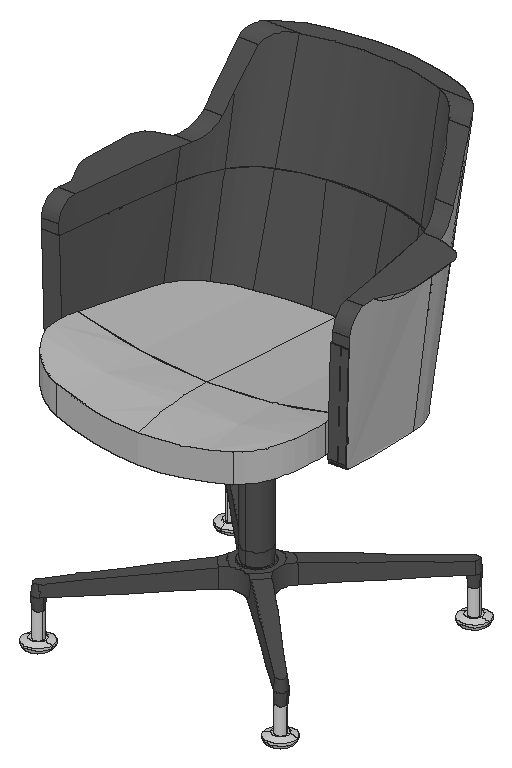
Revit family "Seating-LAMMHULTS-CAROUSEL-Swivel_Base-4_Feet", category Furniture, Revit 2017
Family settings
  OmniClass Number = 23.40.20.00
  OmniClass Title = General Furniture and Specialties
  Work Plane-Based = No
  Always vertical = Yes
  Cut with Voids When Loaded = No
  Shared = No
  Room Calculation Point = No
Parameters (values of type "2 Colour Lether Black Fabric Grey")
  Width = 620 mm
  Back Inside Secondary Material = Leather - Black
  Back Inside Primary Material = Leather - Black
  URL = "www.lammhults.se"
  Seat Material = Fabric - Grey Woven
  No_Casters [instance] = not(Castors)  # yes
  Model = "CAROUSEL"
  Manufacturer = "LAMMHULTS"  # constant formula
  Legs Material = Metal - Black - Matte
  Keynote = "46.B"
  Height = 810 mm
  Frame Material = Metal - Black - Matte
  Feet Material = Metal - Chrome - Polished
  Description = "*Please enter mtrl description here for use in mto*"
  Content Author = "AEC AB"  # constant formula
  Castors [instance] = no
  Two Colored Back = yes
  Back Outside Material = Fabric - Grey Woven
  Assembly Code = "E2020"
Types (5, lengths in mm): name | Back Inside Secondary Material | Back Inside Primary Material | Seat Material | Legs Material | Frame Material | Feet Material | Two Colored Back | Back Outside Material
  2 Colour Lether White Fabric Purple | Fabric - Dark Purple Woven | Leather - White | Fabric - Dark Purple Woven | Metal - Black - Matte | Metal - Chrome - Polished | Metal - Black - Matte | yes | Leather - White
  2 Colour Lether Black Fabric Grey | Leather - Black | Leather - Black | Fabric - Grey Woven | Metal - Black - Matte | Metal - Black - Matte | Metal - Chrome - Polished | yes | Fabric - Grey Woven
  1 Colour  Fabric Grey | Fabric - Grey Woven | Fabric - Grey Woven | Fabric - Grey Woven | Metal - Black - Matte | Metal - Chrome - Polished | Metal - Chrome - Polished | no | Fabric - Grey Woven
  1 Colour  Fabric Blue | Fabric - Dark Blue Woven | Fabric - Dark Blue Woven | Fabric - Dark Blue Woven | Metal - Black - Matte | Metal - Black - Matte | Metal - Black - Matte | no | Fabric - Dark Blue Woven
  1 Colour  Fabric Orange | Fabric - Orange | Fabric - Orange | Fabric - Orange | Colour - Orange | Metal - Chrome - Polished | Metal - Chrome - Polished | no | Fabric - Orange
Reference planes
  plane 1 "Center (Front/Back)": y = 0
  plane 2: z = 0
  plane 3 "Center (Left/Right)": x = 0
  plane 4: x = -310
  plane 5: x = 310
  plane 6: y = 330
  plane 7: y = -290
  plane 8 "Seat Top": z = 460
  plane 9 "Back Top": z = 818.045
  plane 10 "Back Bottom": z = 369.633
Forms (mm)
  Extrusion 1, void
    sketch origin (0, 0, 0) x (0, 1, 0) y (0, 0, 1)
      loop
        line (325.467, 811.578) -> (325.467, 841.578) -> (-159.533, 841.578) -> (-159.533, 356.578) -> (297.241, 356.578) -> (-128.496, 416.412)
        arc (-128.496, 416.412) -> (-133.818, 419.301) -> (-135.939, 424.974) r 8.646
        line (-135.939, 424.974) -> (-135.939, 632.963)
        arc (-135.939, 632.963) -> (-125.688, 657.711) -> (-100.939, 667.963) r 35
        line (-100.939, 667.963) -> (115.796, 667.963)
        arc (115.796, 667.963) -> (143.296, 675.331) -> (163.428, 695.463) r 55
        line (163.428, 695.463) -> (218.914, 791.568)
        arc (218.914, 791.568) -> (233.563, 806.216) -> (253.573, 811.578) r 40.021
        line (253.573, 811.578) -> (325.467, 811.578)
    from -310 to 308.659
  Sweep 2, solid, material "Fabric - Grey Woven" <- "Seat Material"
    path origin (0, 0, 0) x (0, 1, 0) y (0, 0, 1)
      loop
        line (212.845, 430.065) -> (-110.927, 454.543)
        arc (-110.927, 454.543) -> (-227.217, 449.39) -> (-338.967, 416.8) r 487.236
    profile origin (0, 50.959, 442.304) x (0, -0.075386, -0.997154) y (1, 0, 0)
      loop
        arc (0, 0) -> (-10.078, -137.544) -> (-40.097, -272.15) r 943.634
        line (-40.097, -272.15) -> (12.004, -272.15)
        arc (12.004, -272.15) -> (40.455, -137.395) -> (50, 0) r 993.634
        arc (50, 0) -> (40.455, 137.395) -> (12.004, 272.15) r 993.634
        line (12.004, 272.15) -> (-40.097, 272.15)
        arc (-40.097, 272.15) -> (-10.078, 137.544) -> (0, 0) r 943.634
  Extrusion 3, void
    sketch origin (0, 0, 460) x (-1, 0, 0) y (0, -1, 0)
      loop
        line (-310, 363.222) -> (-310, -305.452) -> (0, -305.452) -> (310, -305.452) -> (310, 363.222) -> (0, 363.222) -> (-310, 363.222)
      loop
        arc (133.176, -147.326) -> (158.903, -131.941) -> (180.871, -111.547) r 143.473
        arc (180.871, -111.547) -> (202.812, -77.86) -> (214.546, -39.407) r 143.473
        arc (214.546, -39.407) -> (227.57, 51.733) -> (238.102, 143.194) r 3371.638
        arc (238.102, 143.194) -> (218.874, 212.924) -> (157.653, 251.446) r 100
        arc (157.653, 251.446) -> (0, 266.594) -> (-157.653, 251.446) r 827.933
        arc (-157.653, 251.446) -> (-218.874, 212.924) -> (-238.102, 143.194) r 100
        arc (-238.102, 143.194) -> (-227.57, 51.733) -> (-214.546, -39.407) r 3371.638
        arc (-214.546, -39.407) -> (-202.812, -77.86) -> (-180.871, -111.547) r 143.473
        arc (-180.871, -111.547) -> (-158.903, -131.941) -> (-133.176, -147.326) r 143.473
        arc (-133.176, -147.326) -> (-68.187, -169.684) -> (0, -178.28) r 334.334
        arc (0, -178.28) -> (68.187, -169.684) -> (133.176, -147.326) r 334.334
    from -90.367 to 60.638
  Revolve 4, solid, material "Metal - Black - Matte" <- "Frame Material"
    sketch origin (0, 0, 0) x (0, 1, 0) y (0, 0, 1)
      loop
        line (-23.532, 86.668) -> (0, 86.668) -> (0, 339.093) -> (-13.883, 339.093) -> (-13.883, 302) -> (-25.061, 302) -> (-25.061, 144.981) -> (-23.532, 86.668)
      axis (0, 86.668) -> (0, 339.093)
    angle from 0 to 360
  Extrusion 5, solid, material "Fabric - Grey Woven" <- "Seat Material"
    sketch origin (0, 0, 460) x (-1, 0, 0) y (0, -1, 0)
      loop
        line (-42.181, -84.182) -> (42.181, -84.182)
        arc (42.181, -84.182) -> (52.788, -79.789) -> (57.181, -69.182) r 15
        line (57.181, -69.182) -> (57.181, 69.182)
        arc (57.181, 69.182) -> (52.788, 79.789) -> (42.181, 84.182) r 15
        line (42.181, 84.182) -> (-42.181, 84.182)
        arc (-42.181, 84.182) -> (-52.788, 79.789) -> (-57.181, 69.182) r 15
        line (-57.181, 69.182) -> (-57.181, -69.182)
        arc (-57.181, -69.182) -> (-52.788, -79.789) -> (-42.181, -84.182) r 15
    from -53.609 to -95.025
  Extrusion 6, solid, material "Fabric - Grey Woven" <- "Seat Material"
    sketch origin (0, 0, 460) x (-1, 0, 0) y (0, -1, 0)
      loop
        arc (42.299, -46.999) -> (45.835, -45.535) -> (47.299, -41.999) r 5
        line (47.299, -41.999) -> (47.299, 41.999)
        arc (47.299, 41.999) -> (45.835, 45.535) -> (42.299, 46.999) r 5
        line (42.299, 46.999) -> (-42.299, 46.999)
        arc (-42.299, 46.999) -> (-45.834, 45.535) -> (-47.299, 41.999) r 5
        line (-47.299, 41.999) -> (-47.299, -41.999)
        arc (-47.299, -41.999) -> (-45.834, -45.535) -> (-42.299, -46.999) r 5
        line (-42.299, -46.999) -> (42.299, -46.999)
    from -120.907 to -95.025
  Blend 7, solid, material "Leather - Black" <- "Back Inside Primary Material"
    base sketch origin (1.25, 147.551, 667.963) x (0, -1, 0) y (1, 0, 0)
      loop
        line (75.038, -277.557) -> (155.631, -281.329)
        arc (155.631, -281.329) -> (170.985, -280.068) -> (185.511, -274.938) r 60
        line (185.511, -274.938) -> (199.451, -267.889)
        arc (199.451, -267.889) -> (124.476, -256.543) -> (49.869, -242.982) r 2561.415
        line (49.869, -242.982) -> (57.042, -264.031)
        arc (57.042, -264.031) -> (63.956, -273.566) -> (75.038, -277.557) r 20
    top sketch origin (1.25, 147.551, 667.963) x (0, -1, 0) y (1, 0, 0)
      loop
        line (32.859, -239.57) -> (42.844, -268.869)
        arc (42.844, -268.869) -> (54.943, -285.557) -> (74.337, -292.541) r 35
        line (74.337, -292.541) -> (154.929, -296.313)
        arc (154.929, -296.313) -> (174.122, -294.736) -> (192.28, -288.324) r 75
        line (192.28, -288.324) -> (225.855, -271.346)
        arc (225.855, -271.346) -> (129.054, -257.301) -> (32.859, -239.57) r 2561.415
    from -15.5 to 0
  Blend 8, solid, material "Leather - Black" <- "Back Inside Primary Material"
    base sketch origin (-1.25, 147.551, 667.963) x (0, -1, 0) y (1, 0, 0)
      loop
        arc (75.038, 277.557) -> (63.956, 273.566) -> (57.042, 264.031) r 20
        line (57.042, 264.031) -> (49.869, 242.982)
        arc (49.869, 242.982) -> (124.476, 256.543) -> (199.451, 267.889) r 2561.415
        line (199.451, 267.889) -> (185.511, 274.938)
        arc (185.511, 274.938) -> (170.985, 280.068) -> (155.631, 281.329) r 60
        line (155.631, 281.329) -> (75.038, 277.557)
    top sketch origin (-1.25, 147.551, 667.963) x (0, -1, 0) y (1, 0, 0)
      loop
        arc (32.859, 239.57) -> (129.054, 257.301) -> (225.855, 271.346) r 2561.415
        line (225.855, 271.346) -> (192.28, 288.324)
        arc (192.28, 288.324) -> (174.122, 294.736) -> (154.929, 296.313) r 75
        line (154.929, 296.313) -> (74.337, 292.541)
        arc (74.337, 292.541) -> (54.943, 285.557) -> (42.844, 268.869) r 35
        line (42.844, 268.869) -> (32.859, 239.57)
    from -15.5 to 0
  Blend 9, solid, material "Leather - Black" <- "Back Inside Secondary Material", visible <- "Two Colored Back"
    base sketch origin (0, 0, 460) x (-1, 0, 0) y (0, -1, 0)
      loop
        arc (214.606, -38.632) -> (203.281, -75.747) -> (182.102, -108.262) r 138.473
        arc (182.102, -108.262) -> (160.9, -127.943) -> (136.073, -142.79) r 138.473
        arc (136.073, -142.79) -> (92.219, -159.448) -> (46.443, -169.707) r 329.334
        arc (46.443, -169.707) -> (0, -173.177) -> (-46.443, -169.707) r 312.484
        arc (-46.443, -169.707) -> (-92.219, -159.448) -> (-136.073, -142.79) r 329.334
        arc (-136.073, -142.79) -> (-160.9, -127.943) -> (-182.102, -108.262) r 138.473
        arc (-182.102, -108.262) -> (-203.281, -75.747) -> (-214.606, -38.632) r 138.473
        arc (-214.606, -38.632) -> (-227.628, 52.503) -> (-238.154, 143.96) r 3366.638
        line (-238.154, 143.96) -> (-268.499, 140.891)
        arc (-268.499, 140.891) -> (-268.247, 138.415) -> (-267.994, 135.939) r 3397.138
        line (-267.994, 135.939) -> (-252.915, 135.939)
        arc (-252.915, 135.939) -> (-242.584, 47.301) -> (-229.919, -41.034) r 3382.138
        arc (-229.919, -41.034) -> (-217.326, -82.303) -> (-193.776, -118.458) r 153.973
        arc (-193.776, -118.458) -> (-170.202, -140.342) -> (-142.595, -156.851) r 153.973
        arc (-142.595, -156.851) -> (-73.012, -180.494) -> (0, -188.855) r 344.834
        arc (0, -188.855) -> (73.012, -180.494) -> (142.595, -156.851) r 344.834
        arc (142.595, -156.851) -> (170.202, -140.342) -> (193.776, -118.458) r 153.973
        arc (193.776, -118.458) -> (217.326, -82.303) -> (229.919, -41.034) r 153.973
        arc (229.919, -41.034) -> (242.584, 47.301) -> (252.915, 135.939) r 3382.138
        line (252.915, 135.939) -> (267.994, 135.939)
        arc (267.994, 135.939) -> (268.247, 138.415) -> (268.499, 140.891) r 3397.138
        line (268.499, 140.891) -> (238.154, 143.96)
        arc (238.154, 143.96) -> (227.628, 52.503) -> (214.606, -38.632) r 3366.638
    top sketch origin (0, 0, 460) x (-1, 0, 0) y (0, -1, 0)
      loop
        arc (243.839, 143.375) -> (229.8, 29.782) -> (210.74, -83.076) r 2581.413
        arc (210.74, -83.076) -> (199.875, -121.374) -> (182.544, -157.214) r 229.146
        arc (182.544, -157.214) -> (160.121, -183.744) -> (130.333, -201.616) r 106.166
        arc (130.333, -201.616) -> (92.623, -214.115) -> (53.752, -222.322) r 354.871
        arc (53.752, -222.322) -> (-1.392, -226.413) -> (-56.503, -221.889) r 354.871
        arc (-56.503, -221.889) -> (-93.966, -213.749) -> (-130.333, -201.616) r 354.871
        arc (-130.333, -201.616) -> (-160.121, -183.744) -> (-182.544, -157.214) r 106.166
        arc (-182.544, -157.214) -> (-199.875, -121.374) -> (-210.74, -83.076) r 229.146
        arc (-210.74, -83.076) -> (-229.8, 29.782) -> (-243.839, 143.375) r 2581.413
        line (-243.839, 143.375) -> (-276.168, 140.046)
        arc (-276.168, 140.046) -> (-275.96, 137.992) -> (-275.749, 135.939) r 2612.46
        line (-275.749, 135.939) -> (-260.67, 135.939)
        arc (-260.67, 135.939) -> (-246.702, 24.434) -> (-227.923, -86.363) r 2597.46
        arc (-227.923, -86.363) -> (-216.248, -127.661) -> (-197.349, -166.192) r 238.14
        arc (-197.349, -166.192) -> (-171.479, -197.44) -> (-136.487, -217.966) r 116.913
        arc (-136.487, -217.966) -> (-69.43, -237.277) -> (0, -244.287) r 388.735
        arc (0, -244.287) -> (69.43, -237.277) -> (136.487, -217.966) r 388.735
        arc (136.487, -217.966) -> (171.479, -197.44) -> (197.349, -166.192) r 116.913
        arc (197.349, -166.192) -> (216.248, -127.661) -> (227.923, -86.363) r 238.14
        arc (227.923, -86.363) -> (246.702, 24.434) -> (260.67, 135.939) r 2597.46
        line (260.67, 135.939) -> (275.749, 135.939)
        arc (275.749, 135.939) -> (275.96, 137.992) -> (276.168, 140.046) r 2612.46
        line (276.168, 140.046) -> (243.839, 143.375)
    from -90.367 to 155
  Revolve 10, solid, material "Metal - Chrome - Polished" <- "Feet Material", visible <- "No_Casters"
    sketch origin (-104.659, 217.464, 0.248) x (1, 0, 0) y (0, 0, -1)
      loop
        line (321.894, -60) -> (321.894, 0) -> (299.005, 0) -> (296.023, -5.164) -> (296.023, -8.789) -> (307.594, -13) -> (312.594, -13) -> (312.594, -60) -> (321.894, -60)
      axis (321.894, -60) -> (321.894, 0)
    angle from 0 to 360
  Revolve 11, solid, material "Metal - Chrome - Polished" <- "Feet Material", visible <- "Castors"
    sketch origin (449.922, 790.875, 1.462) x (-0.374607, -0.927184, 0) y (0, 0, -1)
      loop
        line (618.893, -58.824) -> (626.429, -58.824) -> (626.429, -55) -> (626.921, -53.944) -> (626.921, -40) -> (618.893, -40) -> (618.893, -58.824)
      axis (618.893, -58.824) -> (618.893, -40)
    angle from 0 to 360
  Extrusion 12, solid, material "Metal - Chrome - Polished" <- "Feet Material", visible <- "Castors"
    sketch origin (498.087, 910.087, 616.276) x (0.071478, 0.176915, -0.981627) y (0.367724, 0.910149, 0.190809)
      loop
        line (428.42, -897.573) -> (429.09, -894.13)
        arc (429.09, -894.13) -> (409.705, -882.689) -> (404.892, -860.701) r 28.164
        arc (404.892, -860.701) -> (417.547, -842.321) -> (439.601, -838.916) r 28.164
        line (439.601, -838.916) -> (440.269, -835.475)
        arc (440.269, -835.475) -> (415.594, -839.415) -> (401.459, -860.021) r 31.664
        arc (401.459, -860.021) -> (406.798, -884.642) -> (428.42, -897.573) r 31.664
    from -18.636 to 18.06
  Revolve 13, solid, material "Plastic - Black", visible <- "Castors"
    sketch origin (482.322, 272.052, 26.076) x (-0.374607, -0.927184, 0) y (0.927184, -0.374607, 0)
      loop
        arc (144.359, -243.031) -> (157.231, -246.152) -> (170.435, -247.201) r 83.612
        line (170.435, -247.201) -> (170.435, -202.165)
        arc (170.435, -202.165) -> (157.231, -203.214) -> (144.359, -206.335) r 83.612
        line (144.359, -206.335) -> (144.359, -243.031)
      axis (170.435, -202.165) -> (170.435, -247.201)
    angle from 0 to 360
  Extrusion 14, void
    sketch origin (0, 0, 0) x (0, 1, 0) y (0, 0, 1)
      loop
        line (-159.533, 632.963) -> (-159.533, 356.578) -> (297.241, 356.578) -> (-129.982, 416.62)
        arc (-129.982, 416.62) -> (-135.304, 419.51) -> (-137.424, 425.182) r 8.646
        line (-137.424, 425.182) -> (-137.424, 632.963) -> (-159.533, 632.963)
    from -310 to 310
  Blend 15, solid, material "Leather - Black" <- "Back Inside Primary Material"
    base sketch origin (0, 0, 369.633) x (-1, 0, 0) y (0, -1, 0)
      loop
        line (268.913, 140.014) -> (238.573, 143.138)
        arc (238.573, 143.138) -> (228.075, 52.054) -> (215.1, -38.709) r 3367.138
        arc (215.1, -38.709) -> (203.734, -75.958) -> (182.478, -108.59) r 138.973
        arc (182.478, -108.59) -> (161.2, -128.343) -> (136.283, -143.244) r 138.973
        arc (136.283, -143.244) -> (0, -173.312) -> (-136.283, -143.244) r 323.882
        arc (-136.283, -143.244) -> (-161.2, -128.343) -> (-182.478, -108.59) r 138.973
        arc (-182.478, -108.59) -> (-203.734, -75.958) -> (-215.1, -38.709) r 138.973
        arc (-215.1, -38.709) -> (-228.075, 52.054) -> (-238.573, 143.138) r 3367.138
        line (-238.573, 143.138) -> (-268.913, 140.014)
        arc (-268.913, 140.014) -> (-258.321, 48.128) -> (-245.232, -43.436) r 3397.638
        arc (-245.232, -43.436) -> (-231.371, -88.86) -> (-205.45, -128.654) r 169.473
        arc (-205.45, -128.654) -> (-179.503, -152.741) -> (-149.117, -170.912) r 169.473
        arc (-149.117, -170.912) -> (-76.628, -195.568) -> (-0.566, -204.351) r 360.334
        arc (-0.566, -204.351) -> (0, -204.354) -> (0.566, -204.351) r 66.412
        arc (0.566, -204.351) -> (76.628, -195.568) -> (149.117, -170.912) r 360.334
        arc (149.117, -170.912) -> (179.503, -152.741) -> (205.45, -128.654) r 169.473
        arc (205.45, -128.654) -> (231.371, -88.86) -> (245.232, -43.436) r 169.473
        arc (245.232, -43.436) -> (258.321, 48.128) -> (268.913, 140.014) r 3397.638
    top sketch origin (0, 0, 369.633) x (-1, 0, 0) y (0, -1, 0)
      loop
        arc (252.713, 143.103) -> (235.751, 10.892) -> (211.678, -120.212) r 2469.124
        arc (211.678, -120.212) -> (201.029, -160.572) -> (186.452, -199.686) r 422.755
        arc (186.452, -199.686) -> (162.408, -233.403) -> (126.566, -254.146) r 97.798
        arc (126.566, -254.146) -> (0, -274.008) -> (-126.566, -254.146) r 413.192
        arc (-126.566, -254.146) -> (-162.408, -233.403) -> (-186.452, -199.686) r 97.798
        arc (-186.452, -199.686) -> (-201.029, -160.572) -> (-211.678, -120.212) r 422.755
        arc (-211.678, -120.212) -> (-235.751, 10.892) -> (-252.713, 143.103) r 2469.124
        line (-252.713, 143.103) -> (-283.052, 139.979)
        arc (-283.052, 139.979) -> (-265.882, 6.165) -> (-241.517, -126.528) r 2499.624
        arc (-241.517, -126.528) -> (-230.1, -169.8) -> (-214.471, -211.735) r 453.255
        arc (-214.471, -211.735) -> (-182.928, -255.967) -> (-135.909, -283.18) r 128.298
        arc (-135.909, -283.18) -> (-69.006, -299.348) -> (-0.447, -305.446) r 464.217
        arc (-0.447, -305.446) -> (0, -305.449) -> (0.447, -305.446) r 30.824
        arc (0.447, -305.446) -> (69.006, -299.348) -> (135.909, -283.18) r 464.217
        arc (135.909, -283.18) -> (182.928, -255.967) -> (214.471, -211.735) r 128.298
        arc (214.471, -211.735) -> (230.1, -169.8) -> (241.517, -126.528) r 453.255
        arc (241.517, -126.528) -> (265.882, 6.165) -> (283.052, 139.979) r 2499.624
        line (283.052, 139.979) -> (252.713, 143.103)
    from 0 to 447.495
  Blend 16, solid, material "Metal - Black - Matte" <- "Legs Material"
    base sketch origin (0, 0, 0) x (1, 0, 0) y (0, 1, 0)
      loop
        arc (-26.548, -53.102) -> (0, -42.61) -> (26.548, -53.102) r 38.835
        line (26.548, -53.102) -> (210.294, -225.211)
        arc (210.294, -225.211) -> (224.995, -224.986) -> (225.283, -210.286) r 10.583
        line (225.283, -210.286) -> (53.213, -25.969)
        arc (53.213, -25.969) -> (42.975, 0) -> (53.213, 25.969) r 38.055
        line (53.213, 25.969) -> (225.283, 210.286)
        arc (225.283, 210.286) -> (225.014, 225.005) -> (210.294, 225.211) r 10.582
        line (210.294, 225.211) -> (26.548, 53.102)
        arc (26.548, 53.102) -> (0, 42.61) -> (-26.548, 53.102) r 38.835
        line (-26.548, 53.102) -> (-210.294, 225.211)
        arc (-210.294, 225.211) -> (-224.995, 224.986) -> (-225.283, 210.286) r 10.583
        line (-225.283, 210.286) -> (-53.213, 25.969)
        arc (-53.213, 25.969) -> (-42.975, 0) -> (-53.213, -25.969) r 38.055
        line (-53.213, -25.969) -> (-225.283, -210.286)
        arc (-225.283, -210.286) -> (-225.014, -225.005) -> (-210.294, -225.211) r 10.582
        line (-210.294, -225.211) -> (-26.548, -53.102)
    top sketch origin (0, 0, 0) x (1, 0, 0) y (0, 1, 0)
      loop
        line (-29.282, 50.183) -> (-213.028, 222.292)
        arc (-213.028, 222.292) -> (-222.171, 222.154) -> (-222.355, 213.011) r 6.583
        line (-222.355, 213.011) -> (-50.289, 28.699)
        arc (-50.289, 28.699) -> (-38.975, 0) -> (-50.289, -28.699) r 42.055
        line (-50.289, -28.699) -> (-222.359, -213.016)
        arc (-222.359, -213.016) -> (-222.19, -222.173) -> (-213.033, -222.296) r 6.582
        line (-213.033, -222.296) -> (-29.282, -50.183)
        arc (-29.282, -50.183) -> (0, -38.61) -> (29.282, -50.183) r 42.835
        line (29.282, -50.183) -> (213.028, -222.292)
        arc (213.028, -222.292) -> (222.171, -222.154) -> (222.355, -213.011) r 6.583
        line (222.355, -213.011) -> (50.289, -28.699)
        arc (50.289, -28.699) -> (38.975, 0) -> (50.289, 28.699) r 42.055
        line (50.289, 28.699) -> (222.359, 213.016)
        arc (222.359, 213.016) -> (222.19, 222.173) -> (213.033, 222.296) r 6.582
        line (213.033, 222.296) -> (29.282, 50.183)
        arc (29.282, 50.183) -> (0, 38.61) -> (-29.282, 50.183) r 42.835
    from 81.741 to 121.141
  Revolve 17, void
    sketch origin (0, 0, 0) x (0, 1, 0) y (0, 0, 1)
      loop
        line (335.722, 101.512) -> (335.722, 81.926) -> (33.494, 86.718) -> (26.423, 79.647) -> (348.984, 79.647) -> (348.984, 121.805) -> (28.984, 121.805) -> (29.773, 120.438) -> (41.995, 120.438) -> (56.265, 118.938) -> (335.722, 101.512)
      axis (0, 79.647) -> (0, 121.805)
    angle from 0 to 360
  Blend 18, solid, material "Metal - Black - Matte" <- "Legs Material"
    base sketch origin (0, 0, 0) x (1, 0, 0) y (0, 1, 0)
      loop
        circle (217.548, 217.507) r 10.582
    top sketch origin (0, 0, 0) x (1, 0, 0) y (0, 1, 0)
      loop
        circle (217.548, 217.507) r 9.503
    from 82.378 to 60.248
  Revolve 19, solid, material "Metal - Chrome - Polished" <- "Feet Material", visible <- "No_Casters"
    sketch origin (-83.43, -332.803, 0.248) x (0.93358, 0.358368, 0) y (0, 0, -1)
      loop
        line (321.894, -60) -> (321.894, 0) -> (299.005, 0) -> (296.023, -5.164) -> (296.023, -8.789) -> (307.594, -13) -> (312.594, -13) -> (312.594, -60) -> (321.894, -60)
      axis (321.894, -60) -> (321.894, 0)
    angle from 0 to 360
  Revolve 20, solid, material "Metal - Chrome - Polished" <- "Feet Material", visible <- "Castors"
    sketch origin (228.825, 401.266, 1.462) x (-0.017452, -0.999848, 0) y (0, 0, -1)
      loop
        line (618.893, -58.824) -> (626.429, -58.824) -> (626.429, -55) -> (626.921, -53.944) -> (626.921, -40) -> (618.893, -40) -> (618.893, -58.824)
      axis (618.893, -58.824) -> (618.893, -40)
    angle from 0 to 360
  Extrusion 21, solid, material "Metal - Chrome - Polished" <- "Feet Material", visible <- "Castors"
    sketch origin (231.069, 529.821, 616.276) x (0.00333, 0.19078, -0.981627) y (0.017132, 0.981478, 0.190809)
      loop
        line (428.42, -897.573) -> (429.09, -894.13)
        arc (429.09, -894.13) -> (409.705, -882.689) -> (404.892, -860.701) r 28.164
        arc (404.892, -860.701) -> (417.547, -842.321) -> (439.601, -838.916) r 28.164
        line (439.601, -838.916) -> (440.269, -835.475)
        arc (440.269, -835.475) -> (415.594, -839.415) -> (401.459, -860.021) r 31.664
        arc (401.459, -860.021) -> (406.798, -884.642) -> (428.42, -897.573) r 31.664
    from -18.636 to 18.06
  Revolve 22, solid, material "Plastic - Black", visible <- "Castors"
    sketch origin (445.002, -71.485, 26.076) x (-0.017452, -0.999848, 0) y (0.999848, -0.017452, 0)
      loop
        arc (144.359, -243.031) -> (157.231, -246.152) -> (170.435, -247.201) r 83.612
        line (170.435, -247.201) -> (170.435, -202.165)
        arc (170.435, -202.165) -> (157.231, -203.214) -> (144.359, -206.335) r 83.612
        line (144.359, -206.335) -> (144.359, -243.031)
      axis (170.435, -202.165) -> (170.435, -247.201)
    angle from 0 to 360
  Blend 23, solid, material "Metal - Black - Matte" <- "Legs Material"
    base sketch origin (92.21, -498.316, 0) x (0.93358, 0.358368, 0) y (-0.358368, 0.93358, 0)
      loop
        circle (217.548, 217.507) r 10.582
    top sketch origin (92.21, -498.316, 0) x (0.93358, 0.358368, 0) y (-0.358368, 0.93358, 0)
      loop
        circle (217.548, 217.507) r 9.503
    from 82.378 to 60.248
  Revolve 24, solid, material "Metal - Chrome - Polished" <- "Feet Material", visible <- "No_Casters"
    sketch origin (-539.02, -189.449, 0.248) x (0.996195, -0.087156, 0) y (0, 0, -1)
      loop
        line (321.894, -60) -> (321.894, 0) -> (299.005, 0) -> (296.023, -5.164) -> (296.023, -8.789) -> (307.594, -13) -> (312.594, -13) -> (312.594, -60) -> (321.894, -60)
      axis (321.894, -60) -> (321.894, 0)
    angle from 0 to 360
  Revolve 25, solid, material "Metal - Chrome - Polished" <- "Feet Material", visible <- "Castors"
    sketch origin (63.427, 333.445, 1.462) x (-0.45399, -0.891007, 0) y (0, 0, -1)
      loop
        line (618.893, -58.824) -> (626.429, -58.824) -> (626.429, -55) -> (626.921, -53.944) -> (626.921, -40) -> (618.893, -40) -> (618.893, -58.824)
      axis (618.893, -58.824) -> (618.893, -40)
    angle from 0 to 360
  Extrusion 26, solid, material "Metal - Chrome - Polished" <- "Feet Material", visible <- "Castors"
    sketch origin (121.798, 448.005, 616.276) x (0.086625, 0.170012, -0.981627) y (0.445649, 0.874636, 0.190809)
      loop
        line (428.42, -897.573) -> (429.09, -894.13)
        arc (429.09, -894.13) -> (409.705, -882.689) -> (404.892, -860.701) r 28.164
        arc (404.892, -860.701) -> (417.547, -842.321) -> (439.601, -838.916) r 28.164
        line (439.601, -838.916) -> (440.269, -835.475)
        arc (440.269, -835.475) -> (415.594, -839.415) -> (401.459, -860.021) r 31.664
        arc (401.459, -860.021) -> (406.798, -884.642) -> (428.42, -897.573) r 31.664
    from -18.636 to 18.06
  Revolve 27, solid, material "Plastic - Black", visible <- "Castors"
    sketch origin (50.485, -186.227, 26.076) x (-0.45399, -0.891007, 0) y (0.891007, -0.45399, 0)
      loop
        arc (144.359, -243.031) -> (157.231, -246.152) -> (170.435, -247.201) r 83.612
        line (170.435, -247.201) -> (170.435, -202.165)
        arc (170.435, -202.165) -> (157.231, -203.214) -> (144.359, -206.335) r 83.612
        line (144.359, -206.335) -> (144.359, -243.031)
      axis (170.435, -202.165) -> (170.435, -247.201)
    angle from 0 to 360
  Blend 28, solid, material "Metal - Black - Matte" <- "Legs Material"
    base sketch origin (-453.712, -415.207, 0) x (0.996195, -0.087156, 0) y (0.087156, 0.996195, 0)
      loop
        circle (217.548, 217.507) r 10.582
    top sketch origin (-453.712, -415.207, 0) x (0.996195, -0.087156, 0) y (0.087156, 0.996195, 0)
      loop
        circle (217.548, 217.507) r 9.503
    from 82.378 to 60.248
  Revolve 29, solid, material "Metal - Chrome - Polished" <- "Feet Material", visible <- "No_Casters"
    sketch origin (-217.448, -104.675, 0.248) x (0, 1, 0) y (0, 0, -1)
      loop
        line (321.894, -60) -> (321.894, 0) -> (299.005, 0) -> (296.023, -5.164) -> (296.023, -8.789) -> (307.594, -13) -> (312.594, -13) -> (312.594, -60) -> (321.894, -60)
      axis (321.894, -60) -> (321.894, 0)
    angle from 0 to 360
  Revolve 30, solid, material "Metal - Chrome - Polished" <- "Feet Material", visible <- "Castors"
    sketch origin (-790.859, 449.906, 1.462) x (0.927184, -0.374607, 0) y (0, 0, -1)
      loop
        line (618.893, -58.824) -> (626.429, -58.824) -> (626.429, -55) -> (626.921, -53.944) -> (626.921, -40) -> (618.893, -40) -> (618.893, -58.824)
      axis (618.893, -58.824) -> (618.893, -40)
    angle from 0 to 360
  Extrusion 31, solid, material "Metal - Chrome - Polished" <- "Feet Material", visible <- "Castors"
    sketch origin (-910.071, 498.071, 616.276) x (-0.176915, 0.071478, -0.981627) y (-0.910149, 0.367724, 0.190809)
      loop
        line (428.42, -897.573) -> (429.09, -894.13)
        arc (429.09, -894.13) -> (409.705, -882.689) -> (404.892, -860.701) r 28.164
        arc (404.892, -860.701) -> (417.547, -842.321) -> (439.601, -838.916) r 28.164
        line (439.601, -838.916) -> (440.269, -835.475)
        arc (440.269, -835.475) -> (415.594, -839.415) -> (401.459, -860.021) r 31.664
        arc (401.459, -860.021) -> (406.798, -884.642) -> (428.42, -897.573) r 31.664
    from -18.636 to 18.06
  Revolve 32, solid, material "Plastic - Black", visible <- "Castors"
    sketch origin (-272.036, 482.306, 26.076) x (0.927184, -0.374607, 0) y (0.374607, 0.927184, 0)
      loop
        arc (144.359, -243.031) -> (157.231, -246.152) -> (170.435, -247.201) r 83.612
        line (170.435, -247.201) -> (170.435, -202.165)
        arc (170.435, -202.165) -> (157.231, -203.214) -> (144.359, -206.335) r 83.612
        line (144.359, -206.335) -> (144.359, -243.031)
      axis (170.435, -202.165) -> (170.435, -247.201)
    angle from 0 to 360
  Blend 33, solid, material "Metal - Black - Matte" <- "Legs Material"
    base sketch origin (0.016, -0.016, 0) x (0, 1, 0) y (-1, 0, 0)
      loop
        circle (217.548, 217.507) r 10.582
    top sketch origin (0.016, -0.016, 0) x (0, 1, 0) y (-1, 0, 0)
      loop
        circle (217.548, 217.507) r 9.503
    from 82.378 to 60.248
Cuts and joins
  Extrusion 1 cuts Blend 15
  joined: Blend 7, Blend 8, Blend 15
  Extrusion 3 cuts Sweep 2
  joined: Sweep 2, Extrusion 5, Extrusion 6
  Extrusion 14 cuts Blend 9
  Revolve 17 cuts Blend 16
Lines and regions (mm)
  Masking region 1
    outline origin (0, 0, 460) x (-1, 0, 0) y (0, -1, 0)
      loop
        line (271.068, 78.855) -> (275.712, 124.945)
        arc (275.712, 124.945) -> (273.18, 132.655) -> (265.762, 135.947) r 10
        line (265.762, 135.947) -> (242.359, 135.947)
        arc (242.359, 135.947) -> (224.448, 208.839) -> (162.653, 251.446) r 105.666
        arc (162.653, 251.446) -> (81.901, 265.347) -> (0, 267.836) r 585.307
        arc (0, 267.836) -> (-81.901, 265.347) -> (-162.653, 251.446) r 585.307
        arc (-162.653, 251.446) -> (-224.448, 208.839) -> (-242.359, 135.947) r 105.666
        line (-242.359, 135.947) -> (-265.762, 135.947)
        arc (-265.762, 135.947) -> (-273.18, 132.655) -> (-275.712, 124.945) r 10
        line (-275.712, 124.945) -> (-271.068, 78.855) -> (-288.918, 43.555)
        arc (-288.918, 43.555) -> (-294.903, 26.607) -> (-296.374, 8.694) r 70
        line (-296.374, 8.694) -> (-292.223, -80.016)
        arc (-292.223, -80.016) -> (-287.234, -93.868) -> (-275.314, -102.51) r 25
        line (-275.314, -102.51) -> (-239.193, -114.82)
        arc (-239.193, -114.82) -> (-222.601, -174.655) -> (-200.854, -232.815) r 711.236
        arc (-200.854, -232.815) -> (-193.215, -243.791) -> (-184.097, -253.573) r 94.065
        arc (-184.097, -253.573) -> (-161.63, -270.31) -> (-136.072, -281.788) r 128.666
        arc (-136.072, -281.788) -> (-68.877, -298.098) -> (0, -304.198) r 462.094
        arc (0, -304.198) -> (68.877, -298.098) -> (136.072, -281.788) r 462.094
        arc (136.072, -281.788) -> (161.63, -270.31) -> (184.097, -253.573) r 128.666
        arc (184.097, -253.573) -> (193.215, -243.791) -> (200.854, -232.815) r 94.065
        arc (200.854, -232.815) -> (222.601, -174.655) -> (239.193, -114.82) r 711.236
        line (239.193, -114.82) -> (275.314, -102.51)
        arc (275.314, -102.51) -> (287.234, -93.868) -> (292.223, -80.016) r 25
        line (292.223, -80.016) -> (296.374, 8.694)
        arc (296.374, 8.694) -> (294.903, 26.607) -> (288.918, 43.555) r 70
        line (288.918, 43.555) -> (271.068, 78.855)
  symbolic lines
    curve 1: arc (0, 269.694, 460) -> (-64.311, 263.885, 460) -> (-127.003, 248.41, 460) r 425.442
    curve 2: spline (-151.755, 235.559, 460) -> (-149.844, 236.896, 460) -> (-147.902, 238.188, 460) -> (-145.929, 239.432, 460) -> (-143.928, 240.628, 460) -> (-141.898, 241.777, 460) -> (-139.841, 242.876, 460) -> (-137.759, 243.926, 460) -> (-135.652, 244.925, 460) -> (-133.522, 245.874, 460) -> (-131.369, 246.771, 460) -> (-129.196, 247.617, 460) -> (-127.003, 248.41, 460)
    curve 3: line (-161.045, 224.22, 460) -> (-151.755, 235.559, 460)
    curve 4: spline (-161.045, 224.22, 460) -> (-163.056, 220.867, 460) -> (-165.01, 217.506, 460) -> (-166.908, 214.137, 460) -> (-168.748, 210.76, 460) -> (-170.532, 207.375, 460) -> (-172.257, 203.983, 460) -> (-173.926, 200.583, 460) -> (-175.536, 197.177, 460) -> (-177.09, 193.764, 460) -> (-178.585, 190.344, 460) -> (-180.022, 186.918, 460) -> (-181.401, 183.487, 460)
    curve 5: arc (-242.359, -135.947, 460) -> (-221.483, 25.602, 460) -> (-181.401, 183.487, 460) r 1357.077
    curve 6: arc (0, 269.694, 460) -> (64.311, 263.885, 460) -> (127.003, 248.41, 460) r 425.442
    curve 7: spline (151.755, 235.559, 460) -> (149.844, 236.896, 460) -> (147.902, 238.188, 460) -> (145.929, 239.432, 460) -> (143.928, 240.628, 460) -> (141.898, 241.777, 460) -> (139.841, 242.876, 460) -> (137.759, 243.926, 460) -> (135.652, 244.925, 460) -> (133.522, 245.874, 460) -> (131.369, 246.771, 460) -> (129.196, 247.617, 460) -> (127.003, 248.41, 460)
    curve 8: line (161.045, 224.22, 460) -> (151.755, 235.559, 460)
    curve 9: spline (161.045, 224.22, 460) -> (163.056, 220.867, 460) -> (165.01, 217.506, 460) -> (166.908, 214.137, 460) -> (168.748, 210.76, 460) -> (170.532, 207.375, 460) -> (172.257, 203.983, 460) -> (173.926, 200.583, 460) -> (175.536, 197.177, 460) -> (177.09, 193.764, 460) -> (178.585, 190.344, 460) -> (180.022, 186.918, 460) -> (181.401, 183.487, 460)
    curve 10: arc (242.359, -135.947, 460) -> (221.483, 25.602, 460) -> (181.401, 183.487, 460) r 1357.077
    curve 11: arc (-221.483, 25.602, 460) -> (-150.503, 134.46, 460) -> (-27.707, 176.997, 460) r 200.662
    curve 12: arc (221.483, 25.602, 460) -> (150.503, 134.46, 460) -> (27.707, 176.997, 460) r 200.662
    curve 13: line (-27.707, 176.997, 460) -> (27.707, 176.997, 460)
Dimensions and locks
  aligned and locked: level to plane 2
